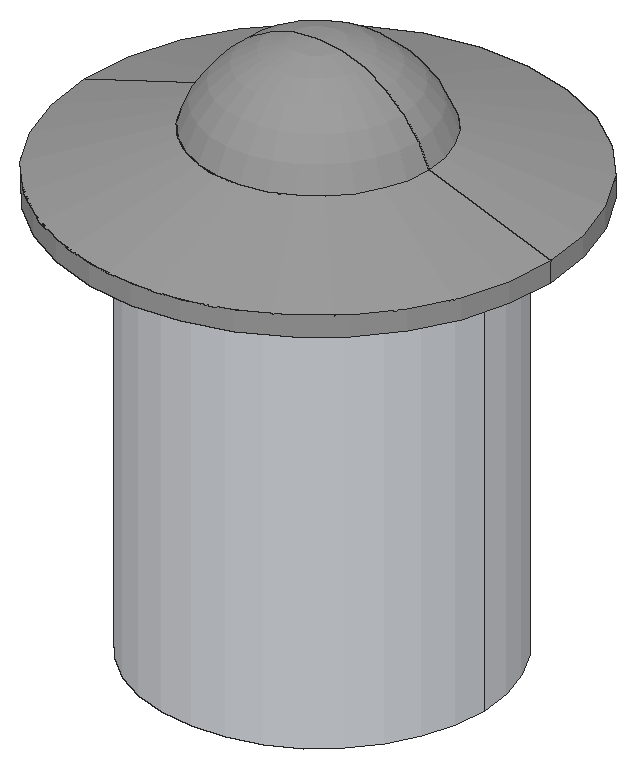
Revit family "ElectricalEquipment_Hager_Klik7Pin_OccupancySensor", category Lighting Devices, host Face, Revit 2015
Parameters (values of type "KLIK Occupancy Sensor LDS PIR Pre-wired 3M")
  Warranty ID = "Product Lifetime"
  Voltage = Sensor Voltage  # 230 V
  URL = "www.hager.co.uk"
  Type Comments = "Used with KLDS** Marshalling Boxes"
  Type = "Occupancy Sensor"
  Time Delayed Range = "1 to 60 minutes"
  Technical Description = Type Comments  # "Used with KLDS** Marshalling Boxes"
  Shape = "Circular"
  Sensor Voltage = 230 V
  Sensor Number of Poles = 1
  Revision = 1
  Reference Standard = "IEC 60669-1"
  Radius 1 = 10 mm
  Product Weight = 0.66 kg
  Product URL = "http://www.hager.co.uk/product-catalogue/lighting-connection-controls/klik/38631.htm?Suchbegriffe=klik#group"
  Product Range = "Klik LDS"
  Product Literature = "http://www.hager.co.uk/product-catalogue/lighting-connection-controls/klik/38631.htm?Suchbegriffe=klik#group"
  Product Group = "Klik"
  Product Family = "Klik Lighting Occupancy Sensor"
  Product Description = "KLIK Occupancy Sensor LDS PIR Pre-wired 3M"
  Mounting = "Ceiling"
  Model = "EEK513W"
  Material = none
  Manufacturer Website = "www.hager.co.uk"
  Manufacturer Country = "United Kingdom"
  Manufacturer = "Hager UK Ltd"
  Location of Manufacturer = "Telford, TF1 7FT"
  Load Classification = Other
  Lens Material = Default
  Floor Detection Diameter = 7000 mm
  Finish = ""
  Detection Angle = "360˚"
  Height 1 = 1 / 3 * Cover Height  # 3.333 mm
  Hager Catalogue Ref = Model  # "EEK513W"
  Frequency = 50 Hz
  Enclosure Rating = "IP41 / IK03"
  Enclosure Colour = "White"
  Enclosure = "PC/ABS (V0)"
  EAN = "3250617579100"
  Design Country = "China"
  Description = Product Description  # "KLIK Occupancy Sensor LDS PIR Pre-wired 3M"
  Default Elevation = 1200 mm
  Cover Radius = 40 mm
  Cover Material = Default
  Cover Height = 10 mm
  Cover Diameter = Cover Radius * 2  # 80 mm
  Colour = ""
  CE Approval = yes
  Breaking Capacity = "16A 250V AC1"
  Body Radius = 28 mm
  Body Diameter = Body Radius * 2  # 56 mm
  Body Depth = 70 mm
  Apparent Load = 0 VA
Reference planes
  plane 1 "Centre (Front/Back)": y = 0
  plane 2: z = 0
  plane 3 "Centre (Left/Right)": x = 0
  plane 4: z = 3.333
  plane 5: z = 10
  plane 6: z = 16.35
  plane 7: x = -40
  plane 8: x = 40
  plane 9: x = -19.05
  plane 10: x = 19.05
  plane 11: z = -70
Forms (mm)
  Revolve 1, solid, material "Default" <- "Cover Material"
    sketch origin (0, 0, 0) x (1, 0, 0) y (0, 0, 1)
      loop
        line (-40, 3.333) -> (-40, 0) -> (0, 0) -> (0, 10) -> (-19.05, 10) -> (-40, 3.333)
      axis (0, 10) -> (0, 0)
    angle from 0 to 360
  Revolve 2, solid, material "Default" <- "Lens Material"
    sketch origin (0, 0, 0) x (1, 0, 0) y (0, 0, 1)
      loop
        arc (19.05, 10) -> (11.679, 19.794) -> (0, 23.516) r 20.183
        line (0, 23.516) -> (0, 10) -> (19.05, 10)
      axis (0, 23.516) -> (0, 10)
    angle from 0 to 360
  Extrusion 3, solid
    sketch origin (0.497, 0.208, -2.409) x (1, 0, 0) y (0, 1, 0)
      loop
        circle (0, 0) r 28
    from 2.409 to -67.591
Lines and regions (mm)
  symbolic lines, detail levels fine
    curve 1: circle (0, 0, 0) r 40 normal (0, 0, 1)
    curve 2: circle (0, 0, 0) r 10 normal (0, 0, 1)
Dimensions and locks
  "Height 1": plane 4 to plane 2
  "Cover Height": plane 5 to plane 2
  locked: plane 6 to plane 5 at 6.35
  "Cover Diameter": plane 8 to plane 7
  equal spacing: plane 8, plane 3 "Centre (Left/Right)", plane 7
  plane 10 to plane 3 "Centre (Left/Right)" to plane 9 = 19.05 mm locked, 19.05 mm locked
  "Body Depth": host face to plane 11
  "Cover Radius": radius of curve 1
  "Radius 1": radius of curve 2
  "Body Diameter": diameter of Extrusion 3
  aligned and locked: plane 2 to host face
  aligned and locked: level to host face
  aligned and locked: Revolve 1 sketch curve to plane 3 "Centre (Left/Right)"
  aligned and locked: Revolve 1 sketch curve to plane 7
  aligned and locked: Revolve 1 sketch curve to plane 2
  aligned and locked: plane 5 to Revolve 1 sketch curve
  aligned and locked: plane 4 to Revolve 1 sketch curve
  aligned and locked: plane 9 to Revolve 1 sketch curve
  aligned and locked: plane 6 to Revolve 2 sketch curve
  aligned and locked: Revolve 2 sketch curve to Revolve 2 sketch curve
  aligned and locked: Revolve 2 sketch curve to plane 3 "Centre (Left/Right)"  (x2)
  aligned and locked: plane 5 to Revolve 2 sketch curve
  aligned and locked: plane 4 to Revolve 2 sketch curve
  aligned and locked: plane 3 "Centre (Left/Right)" to Revolve 2 sketch curve
  aligned and locked: plane 3 "Centre (Left/Right)" to Revolve 1 sketch curve
  aligned and locked: plane 1 "Centre (Front/Back)" to curve 2
  aligned and locked: plane 3 "Centre (Left/Right)" to curve 2
  aligned and locked: plane 3 "Centre (Left/Right)" to curve 1
  aligned and locked: plane 1 "Centre (Front/Back)" to nested 1
  aligned and locked: nested 1 to plane 3 "Centre (Left/Right)"
  aligned and locked: Extrusion 3 to plane 11
  aligned and locked: level to Extrusion 3
Automatic sketch dimensions
  host sketch curve to host sketch curve = 2438.4 mm  (x2)
  Revolve 1 sketch curve to level = 0 mm
  Revolve 1 sketch curve to plane 5 = 0 mm
  Revolve 2 sketch curve to plane 10 = 0 mm
  curve 1 to curve 2 = 0 mm
  Extrusion 3 sketch curve to plane 1 "Centre (Front/Back)" = 0.208 mm
  plane 3 "Centre (Left/Right)" to Extrusion 3 sketch curve = 0.497 mm
  radius of Extrusion 3 sketch curve = 28 mm
Nested families
  nested 1: "Ceiling Mounted Detector Annotation" at (0, 0, 0), type "Ceiling Mounted Dual Tech Detector", detail levels coarse+medium
Connectors
  electrical at (0, 0, 0), driven by "Apparent Load", driven by "Sensor Voltage", driven by "Sensor Number of Poles", driven by "Load Classification"
    settings: on Revolve 1, index 1, voltage 230 V, apparent load 0 VA, apparent load phase1 0 VA, apparent load phase2 0 VA, apparent load phase3 0 VA, power factor 1, load classification "Other", number of poles 1, system type 31, power factor state 1, is connector primary yes, connector utility no, sub classification motor no, connector description ""
  electrical at (0, 0, 10)
    settings: on Revolve 2, index 2, voltage 0 V, apparent load 0 VA, apparent load phase1 0 VA, apparent load phase2 0 VA, apparent load phase3 0 VA, power factor 1, load classification "Other", number of poles 1, system type 13, power factor state 1, is connector primary no, connector utility no, sub classification motor no, connector description ""
Definition of nested family "Ceiling Mounted Detector Annotation"
  Parameters
    Label = "DT 360"
  Reference planes
    plane 1: y = 0
    plane 2: x = 0
  Lines and regions (mm)
    reference lines
      curve 1: line (-5.703, -2.5, 0) -> (12.542, -2.5, 0)
      curve 2: line (0, -2.5, 0) -> (5.7, -5.791, 0)
      curve 3: line (0, -2.5, 0) -> (3.775, 4.038, 0)
      curve 4: line (0, -2.5, 0) -> (3.15, -7.956, 0)
      curve 5: line (0, -2.5, 0) -> (-2.778, 3.457, 0)
      curve 6: line (0, -2.5, 0) -> (-5.224, 0.516, 0)
      curve 7: line (0, -2.5, 0) -> (-3.193, -8.031, 0)
      curve 8: line (0, -2.5, 0) -> (-4.811, -5.278, 0)
      curve 9: line (0, -2.5, 0) -> (3.943, -0.223, 0)
    detail lines
      curve 10: arc (-1.057, -0.234, 0) -> (0.109, -0.002, 0) -> (1.25, -0.335, 0) r 2.5
      curve 11: arc (2.165, -1.25, 0) -> (2.5, -2.5, 0) -> (2.165, -3.75, 0) r 2.5
      curve 12: arc (-1.25, -4.665, 0) -> (0, -5, 0) -> (1.25, -4.665, 0) r 2.5
      curve 13: arc (-2.165, -3.75, 0) -> (-2.5, -2.5, 0) -> (-2.165, -1.25, 0) r 2.5
      curve 14: circle (0, -2.5, 0) r 0.25 normal (0, 0, 1)
      curve 15: line (-1.057, -0.234, 0) -> (0, -2.5, 0)
      curve 16: line (1.25, -0.335, 0) -> (0, -2.5, 0)
      curve 17: line (2.165, -1.25, 0) -> (0, -2.5, 0)
      curve 18: line (2.165, -3.75, 0) -> (0, -2.5, 0)
      curve 19: line (1.25, -4.665, 0) -> (0, -2.5, 0)
      curve 20: line (-1.25, -4.665, 0) -> (0, -2.5, 0)
      curve 21: line (-2.165, -3.75, 0) -> (0, -2.5, 0)
      curve 22: line (-2.165, -1.25, 0) -> (0, -2.5, 0)
  Text (mm)
    label "DT 360" at (-2.902, -1.359, 0), shows "Label"
  Dimensions and locks
    curve 1 to plane 1 = 2.5 mm
    aligned and locked: curve 16 to curve 3
    aligned and locked: curve 17 to curve 9
    aligned and locked: curve 18 to curve 2
    aligned and locked: curve 19 to curve 4
    aligned and locked: curve 20 to curve 7
    aligned and locked: curve 21 to curve 8
    aligned and locked: curve 22 to curve 6
